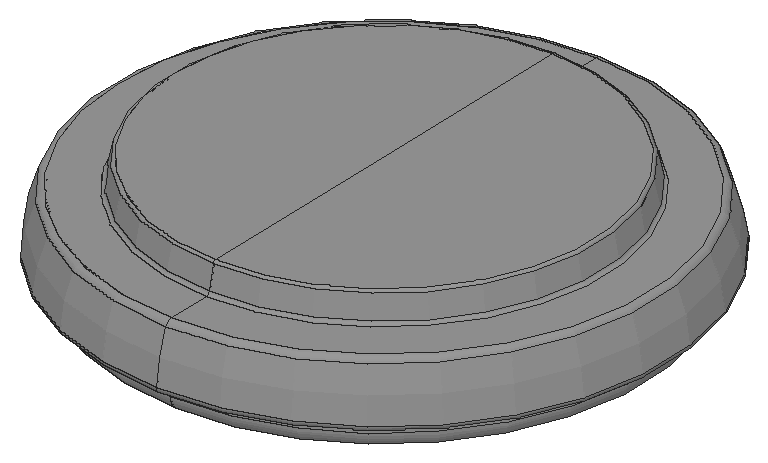
Revit family "FMK11_63_UN_Surface-mounted_ETK", category Lighting Fixtures, Revit 2017 (continued)
Definition of nested family "FMK.1 - Lightsource"
  Types (13, lengths in mm): name | Wattage Comments | Photometric Web File | built-in parameter 1150142 | Apparent Load
    FMK.1129.10 - Ø250x48 / 12W | "12W" | "FMK.1129.10.ies" | "IESNA:LM-63-2002\r\n[TEST] /2015\r\n[TESTLAB] ies2eulumdat.appspot.com\r\n[ISSUEDATE] 2021-06-16T09:00:21.829\r\n[MANUFAC] www.etk.nl\r\n[LUMCAT] FMK.1109.10\r\n[LUMINAIRE] FMK.1 LED 12W 3000/4000/5700K ø250 niet dimbaar\r\n[LAMPCAT] LED\r\n[LAMP] LED\r\nTILT=NONE\r\n1\t1150\t1\t46\t180\t1\t2\t-0.250\t-0.250\t0\r\n1.0\t1.0\t11.80\r\n0\t 2\t 4\t 6\t 8\t 10\t 12\t 14\t 16\t 18\r\n20\t 22\t 24\t 26\t 28\t 30\t 32\t 34\t 36\t 38\r\n40\t 42\t 44\t 46\t 48\t 50\t 52\t 54\t 56\t 58\r\n60\t 62\t 64\t 66\t 68\t 70\t 72\t 74\t 76\t 78\r\n80\t 82\t 84\t 86\t 88\t 90\r\n0\t 2\t 4\t 6\t 8\t 10\t 12\t 14\t 16\t 18\r\n20\t 22\t 24\t 26\t 28\t 30\t 32\t 34\t 36\t 38\r\n40\t 42\t 44\t 46\t 48\t 50\t 52\t 54\t 56\t 58\r\n60\t 62\t 64\t 66\t 68\t 70\t 72\t 74\t 76\t 78\r\n80\t 82\t 84\t 86\t 88\t 90\t 92\t 94\t 96\t 98\r\n100\t 102\t 104\t 106\t 108\t 110\t 112\t 114\t 116\t 118\r\n120\t 122\t 124\t 126\t 128\t 130\t 132\t 134\t 136\t 138\r\n140\t 142\t 144\t 146\t 148\t 150\t 152\t 154\t 156\t 158\r\n160\t 162\t 164\t 166\t 168\t 170\t 172\t 174\t 176\t 178\r\n180\t 182\t 184\t 186\t 188\t 190\t 192\t 194\t 196\t 198\r\n200\t 202\t 204\t 206\t 208\t 210\t 212\t 214\t 216\t 218\r\n220\t 222\t 224\t 226\t 228\t 230\t 232\t 234\t 236\t 238\r\n240\t 242\t 244\t 246\t 248\t 250\t 252\t 254\t 256\t 258\r\n260\t 262\t 264\t 266\t 268\t 270\t 272\t 274\t 276\t 278\r\n280\t 282\t 284\t 286\t 288\t 290\t 292\t 294\t 296\t 298\r\n300\t 302\t 304\t 306\t 308\t 310\t 312\t 314\t 316\t 318\r\n320\t 322\t 324\t 326\t 328\t 330\t 332\t 334\t 336\t 338\r\n340\t 342\t 344\t 346\t 348\t 350\t 352\t 354\t 356\t 358\r\n\r\n405.3384\t404.7765\t404.2265\t402.9975\t401.1013\t399.2051\t395.3191\t391.4331\t387.5471\t383.661\r\n379.7751\t373.4779\t367.169\t360.8717\t354.5746\t348.2657\t339.7094\t331.1415\t322.5852\t314.029\r\n305.461\t294.8096\t284.1582\t273.5069\t262.8555\t252.2041\t239.7267\t227.261\t214.7837\t202.3181\r\n189.8525\t177.3751\t164.9094\t152.432\t139.9664\t127.4891\t0\t0\t0\t0\r\n0\t0\t0\t0\t0\t0\r\n405.3384\t404.7925\t404.2577\t403.0448\t401.1686\t399.2994\t395.4335\t391.5606\t387.7102\t383.8203\r\n379.9334\t373.6444\t367.3443\t361.0453\t354.7325\t348.4388\t339.8983\t331.3616\t322.8117\t314.2627\r\n305.722\t295.0872\t284.4404\t273.8022\t263.1576\t252.5163\t240.0548\t227.5873\t215.131\t202.664\r\n190.1945\t177.7378\t165.2697\t152.8012\t140.3312\t128.1946\t0.3296\t0\t0\t0\r\n0\t0\t0\t0\t0\t0\r\n405.3384\t404.8094\t404.2892\t403.0935\t401.2796\t399.4809\t395.6213\t391.7396\t387.8385\t383.9437\r\n380.072\t373.802\t367.5085\t361.2065\t354.9129\t348.6531\t340.137\t331.5961\t323.0451\t314.5012\r\n305.9895\t295.3818\t284.734\t274.0862\t263.4264\t252.8071\t240.376\t227.9231\t215.4572\t202.995\r\n190.53\t178.0631\t165.6056\t153.1389\t140.6717\t129.4859\t1.3419\t0\t0\t0\r\n0\t0\t0\t0\t0\t0\r\n405.3384\t404.8271\t404.3209\t403.1488\t401.3532\t399.5783\t395.7291\t391.8382\t387.9181\t384.0265\r\n380.1901\t373.9544\t367.6616\t361.3486\t355.0482\t348.8012\t340.3437\t331.8018\t323.2501\t314.6929\r\n306.2129\t295.662\t285.012\t274.3604\t263.7094\t253.1247\t240.74\t228.2758\t215.8122\t203.3491\r\n190.8749\t178.4127\t165.9503\t153.4898\t141.027\t131.3458\t3.1025\t0\t0\t0\r\n0\t0\t0\t0\t0\t0\r\n405.3384\t404.8458\t404.3591\t403.1978\t401.4167\t399.6486\t395.7816\t391.8937\t388.0038\t384.1068\r\n380.2987\t374.1143\t367.817\t361.5156\t355.2003\t348.9967\t340.5979\t332.043\t323.4957\t314.942\r\n306.4955\t295.9896\t285.3021\t274.6328\t263.9659\t253.4202\t241.0823\t228.6129\t216.1591\t203.6915\r\n191.2234\t178.7558\t166.3001\t153.8352\t141.371\t133.6544\t5.718\t0\t0\t0\r\n0\t0\t0\t0\t0\t0\r\n405.3384\t404.8652\t404.3908\t403.2459\t401.4706\t399.6646\t395.8675\t391.9843\t388.0857\t384.1821\r\n380.4316\t374.3456\t368.0256\t361.7021\t355.3697\t349.2\t340.8799\t332.2872\t323.6935\t315.0968\r\n306.6804\t296.3012\t285.6181\t274.9391\t264.248\t253.707\t241.4578\t228.9766\t216.4988\t204.0245\r\n191.5571\t179.0864\t166.6186\t154.1544\t141.6922\t136.24\t9.3369\t0\t0\t0\r\n0\t0\t0\t0\t0\t0\r\n405.3384\t404.8854\t404.4219\t403.2933\t401.5055\t399.7186\t395.9651\t392.0842\t388.1903\t384.3067\r\n380.5784\t374.5562\t368.2162\t361.8639\t355.4958\t349.3364\t341.1183\t332.5123\t323.9013\t315.2964\r\n306.9063\t296.6299\t285.9122\t275.1976\t264.4831\t253.9575\t241.8218\t229.3201\t216.8328\t204.3396\r\n191.8483\t179.3695\t166.8926\t154.4222\t141.9565\t138.8551\t14.1501\t0\t0\t0\r\n0\t0\t0\t0\t0\t0\r\n405.3384\t404.9066\t404.4521\t403.3398\t401.5506\t399.7766\t396.0731\t392.2029\t388.3231\t384.3922\r\n380.6589\t374.7488\t368.3792\t361.9898\t355.5837\t349.4181\t341.3685\t332.7528\t324.1099\t315.4532\r\n307.0598\t296.9581\t286.2249\t275.4731\t264.7159\t254.1799\t242.1928\t229.6762\t217.1659\t204.6692\r\n192.1717\t179.6758\t167.1817\t154.6978\t142.2295\t141.3105\t20.401\t0\t0\t0\r\n0\t0\t0\t0\t0\t0\r\n405.3384\t404.9688\t404.4817\t403.3908\t401.5946\t399.8358\t396.2032\t392.3475\t388.4203\t384.4425\r\n380.7195\t374.9437\t368.5473\t362.1238\t355.6851\t349.5134\t341.9282\t332.9785\t324.3069\t315.6402\r\n306.9436\t297.5694\t286.5262\t275.7395\t264.9593\t254.1623\t242.7912\t230.0358\t217.5005\t204.986\r\n192.4711\t179.9636\t167.4644\t154.9748\t142.4941\t143.2492\t28.3764\t0\t0\t0\r\n0\t0\t0\t0\t0\t0\r\n405.3384\t404.9901\t404.5102\t403.434\t401.6375\t399.8986\t396.3675\t392.4653\t388.4946\t384.4886\r\n380.7515\t375.1532\t368.7296\t362.2829\t355.7949\t349.2691\t342.1908\t333.257\t324.528\t315.7751\r\n307.0363\t297.9246\t286.8722\t276.0236\t265.1733\t254.3419\t243.18\t230.433\t217.8766\t205.3224\r\n192.7845\t180.2462\t167.7206\t155.2142\t142.724\t144.3059\t38.4235\t0\t0\t0\r\n0\t0\t0\t0\t0\t0\r\n405.3384\t405.0108\t404.5376\t403.4745\t401.6757\t399.9613\t396.5103\t392.5677\t388.5717\t384.5293\r\n380.4421\t375.6788\t368.9428\t362.4278\t355.8852\t349.3419\t342.4468\t333.4846\t324.7196\t315.9401\r\n307.1422\t298.1755\t287.1691\t276.2852\t265.4162\t254.5351\t243.54\t230.8321\t218.2158\t205.6051\r\n193.0422\t180.5018\t167.9628\t155.4439\t142.9509\t130.4715\t80.1717\t0\t0\t0\r\n0\t0\t0\t0\t0\t0\r\n405.3384\t405.0308\t404.5638\t403.5122\t401.7197\t400.0344\t396.6479\t392.675\t388.642\t384.5539\r\n380.446\t375.8849\t369.1475\t362.5941\t356.0076\t349.3402\t342.606\t333.7678\t324.9507\t316.0958\r\n307.1888\t298.3823\t287.5427\t276.5987\t265.6547\t254.6769\t243.7733\t231.1892\t218.5583\t205.9536\r\n193.3574\t180.7795\t168.2176\t155.6732\t143.1664\t130.6811\t92.6587\t0\t0\t0\r\n0\t0\t0\t0\t0\t0\r\n405.3384\t405.0504\t404.5956\t403.547\t401.7653\t400.0733\t397.0342\t392.7846\t388.7175\t384.6009\r\n380.4658\t376.0643\t369.3866\t362.7735\t356.0799\t349.3699\t342.7566\t334.0832\t325.1628\t316.2179\r\n307.2752\t298.5357\t287.9146\t276.8913\t265.8705\t254.8646\t244.0337\t231.6235\t218.9315\t206.265\r\n193.6356\t181.0339\t168.4572\t155.9156\t143.3861\t130.8825\t104.473\t0\t0\t0\r\n0\t0\t0\t0\t0\t0\r\n405.3384\t405.0692\t404.6173\t403.5726\t401.812\t400.0922\t397.1653\t392.8976\t388.795\t384.6787\r\n380.4567\t376.1942\t369.6246\t362.9226\t356.2055\t349.4272\t342.8367\t334.3769\t325.3805\t316.3703\r\n307.3625\t298.3377\t288.5546\t277.2123\t266.1258\t255.0391\t244.1559\t232.0335\t219.3073\t206.6258\r\n193.9576\t181.3129\t168.7045\t156.1324\t143.5875\t131.0872\t115.0185\t0\t0\t0\r\n0\t0\t0\t0\t0\t0\r\n405.3384\t405.0876\t404.6362\t403.6022\t401.8688\t399.828\t397.2783\t392.9976\t388.9023\t384.7385\r\n380.4432\t376.2623\t369.8607\t363.1303\t356.3361\t349.4819\t342.5273\t334.9205\t325.6274\t316.563\r\n307.4647\t298.325\t288.8953\t277.552\t266.3836\t255.2249\t244.066\t232.6598\t219.71\t206.9637\r\n194.2635\t181.5828\t168.9417\t156.3369\t143.7678\t131.2452\t123.6219\t0\t0\t0\r\n0\t0\t0\t0\t0\t0\r\n405.3384\t405.1054\t404.6527\t403.6299\t401.9954\t399.8313\t397.3825\t393.1311\t389.0376\t384.7914\r\n380.4256\t376.2601\t370.1442\t363.3441\t356.5\t349.5195\t342.4467\t335.1645\t325.9313\t316.7695\r\n307.548\t298.3169\t289.1161\t277.9297\t266.651\t255.4032\t244.1853\t232.9715\t220.1319\t207.3312\r\n194.5444\t181.8166\t169.148\t156.5181\t143.9438\t131.4005\t129.5504\t10.7169\t0\t0\r\n0\t0\t0\t0\t0\t0\r\n405.3384\t405.1227\t404.6665\t403.6558\t402.0282\t399.8387\t397.4732\t393.2952\t389.1616\t384.8421\r\n380.4176\t375.9014\t370.721\t363.6037\t356.6569\t349.5494\t342.4061\t335.3294\t326.2421\t316.9739\r\n307.6665\t298.3454\t289.1781\t278.2878\t266.963\t255.6467\t244.3238\t233.1536\t220.5163\t207.6577\r\n194.8355\t182.0686\t169.3482\t156.6677\t144.0408\t131.4715\t131.8453\t25.923\t0\t0\r\n0\t0\t0\t0\t0\t0\r\n405.3384\t405.1396\t404.6776\t403.6776\t402.0538\t399.8619\t397.5341\t393.5083\t389.2881\t384.8846\r\n380.4261\t375.832\t370.9139\t363.9038\t356.8028\t349.6355\t342.4017\t335.332\t326.5796\t317.2212\r\n307.8198\t298.3417\t288.8594\t278.9905\t267.339\t255.8866\t244.4302\t233.0061\t221.1259\t208.0094\r\n195.1274\t182.2902\t169.5075\t156.7928\t144.1389\t131.538\t118.9821\t72.5747\t0\t0\r\n0\t0\t0\t0\t0\t0\r\n405.3384\t405.1559\t404.686\t403.7113\t402.0482\t399.882\t397.6063\t393.7003\t389.4083\t384.9648\r\n380.4586\t375.7543\t371.0891\t364.165\t357.0131\t349.7518\t342.4103\t334.9484\t327.1548\t317.4999\r\n307.9709\t298.3923\t288.8332\t279.2321\t267.7019\t256.1485\t244.593\t233.049\t221.4516\t208.379\r\n195.4187\t182.5259\t169.6952\t156.9157\t144.2105\t131.5685\t118.9925\t91.6472\t0\t0\r\n0\t0\t0\t0\t0\t0\r\n405.3384\t405.1718\t404.6918\t403.7304\t402.0748\t399.9057\t397.6713\t393.8957\t389.5114\t385.088\r\n380.4979\t375.7076\t371.0587\t364.4889\t357.2386\t349.9042\t342.4218\t334.8539\t327.2884\t317.8216\r\n308.1836\t298.5219\t288.784\t279.2695\t268.1369\t256.4569\t244.7869\t233.1079\t221.6219\t208.7797\r\n195.7476\t182.7712\t169.842\t157.0084\t144.2669\t131.5897\t118.9856\t106.3522\t0\t0\r\n0\t0\t0\t0\t0\t0\r\n405.3384\t405.1872\t404.677\t403.7455\t402.1069\t399.9332\t397.7438\t394.3242\t389.6719\t385.2237\r\n380.5442\t375.6807\t370.6129\t365.0631\t357.5309\t350.0674\t342.4859\t334.7817\t327.2448\t318.4473\r\n308.4635\t298.6371\t288.784\t278.8955\t268.7927\t256.8209\t244.9966\t233.2361\t221.4851\t209.3772\r\n196.0586\t182.9925\t170.014\t157.1221\t144.303\t131.5659\t118.922\t115.4507\t0.7529\t0\r\n0\t0\t0\t0\t0\t0\r\n405.3384\t405.2023\t404.5924\t403.7567\t402.1445\t399.9518\t397.5215\t394.4699\t389.8906\t385.382\r\n380.6063\t375.6074\t370.4961\t365.1827\t357.8531\t350.2794\t342.5728\t334.767\t326.8088\t318.7303\r\n308.7717\t298.8224\t288.8326\t278.8036\t268.8778\t257.2662\t245.3121\t233.3885\t221.4719\t209.6291\r\n196.4163\t183.2663\t170.1886\t157.217\t144.3317\t131.5459\t118.8227\t106.1876\t17.4697\t0\r\n0\t0\t0\t0\t0\t0\r\n405.3384\t405.217\t404.5944\t403.7643\t402.2164\t399.9969\t397.5215\t394.5348\t390.1198\t385.5481\r\n380.6842\t375.579\t370.3695\t365.1761\t358.5091\t350.5396\t342.7377\t334.7731\t326.7113\t318.7291\r\n309.1553\t299.0695\t288.9289\t278.7193\t268.5571\t257.9194\t245.6422\t233.5555\t221.5159\t209.6959\r\n196.8141\t183.564\t170.3986\t157.3153\t144.3298\t131.4311\t118.6433\t105.963\t65.2493\t0\r\n0\t0\t0\t0\t0\t0\r\n405.3384\t405.2314\t404.597\t403.7683\t402.259\t400.1387\t397.5142\t394.6254\t390.3718\t385.7346\r\n380.7618\t375.6336\t370.2359\t364.7113\t358.7633\t350.8369\t342.942\t334.8576\t326.6208\t318.2983\r\n309.7123\t299.3766\t289.0811\t278.7695\t268.3526\t258.0866\t246.0418\t233.822\t221.6258\t209.5032\r\n197.3492\t183.8918\t170.5912\t157.4067\t144.3357\t131.3476\t118.48\t105.7362\t86.9291\t0\r\n0\t0\t0\t0\t0\t0\r\n405.3384\t405.2454\t404.6007\t403.7691\t402.2969\t400.2013\t397.5194\t394.7022\t390.8756\t385.9297\r\n380.8283\t375.6809\t370.2029\t364.5257\t358.7975\t351.2443\t343.1931\t334.9798\t326.6184\t318.1094\r\n309.6994\t299.7814\t289.3562\t278.8261\t268.235\t257.6488\t246.725\t234.1375\t221.8235\t209.5282\r\n197.4412\t184.2693\t170.8692\t157.5318\t144.3183\t131.2485\t118.3192\t105.4985\t99.8452\t0\r\n0\t0\t0\t0\t0\t0\r\n405.3384\t405.2465\t404.6055\t403.7327\t402.33\t400.28\t397.5374\t394.7758\t391.1064\t386.1222\r\n380.9814\t375.6963\t370.1916\t364.3689\t358.3019\t351.8681\t343.551\t335.1761\t326.6651\t318.0094\r\n309.224\t300.3263\t289.676\t278.9673\t268.2109\t257.4449\t246.79\t234.5954\t222.0662\t209.6096\r\n197.2538\t184.796\t171.1111\t157.6776\t144.3725\t131.1929\t118.1378\t105.2239\t92.4606\t7.417\r\n0\t0\t0\t0\t0\t0\r\n405.3384\t405.26\t404.6117\t403.7331\t402.3583\t400.3318\t397.5727\t394.5667\t391.2865\t386.3445\r\n381.2477\t375.7985\t370.1959\t364.244\t358.0878\t351.9228\t343.9437\t335.4465\t326.8059\t317.9911\r\n309.0489\t300.2024\t290.2985\t279.2004\t268.2951\t257.2789\t246.344\t235.2056\t222.4167\t209.7955\r\n197.2042\t184.8605\t171.4948\t157.9091\t144.4487\t131.1247\t117.9609\t104.9565\t92.1149\t52.9313\r\n0\t0\t0\t0\t0\t0\r\n405.3384\t405.2736\t404.6193\t403.7351\t402.3811\t400.3748\t397.6302\t394.5872\t391.3781\t386.8119\r\n381.4951\t375.9993\t370.2514\t364.1293\t357.9116\t351.3889\t344.5079\t335.822\t327.0416\t318.0736\r\n308.9557\t299.6921\t290.3569\t279.5927\t268.421\t257.3226\t246.1\t234.903\t222.8814\t210.0311\r\n197.2958\t184.6475\t172.0079\t158.165\t144.5452\t131.0796\t117.7978\t104.7315\t91.8426\t76.8551\r\n0\t0\t0\t0\t0\t0\r\n405.3384\t405.2871\t404.6284\t403.7382\t402.383\t400.4092\t397.8019\t394.6157\t391.382\t386.9759\r\n381.7537\t376.2214\t370.3501\t364.1175\t357.7917\t351.1064\t344.4201\t336.5393\t327.3814\t318.2587\r\n308.9705\t299.4656\t289.8818\t280.0753\t268.8078\t257.4031\t245.984\t234.5829\t223.2864\t210.4452\r\n197.4796\t184.6232\t171.8738\t158.4916\t144.6856\t131.1101\t117.7175\t104.5034\t91.5471\t87.0893\r\n0\t0\t0\t0\t0\t0\r\n405.3384\t405.3008\t404.6392\t403.7418\t402.3989\t400.4352\t397.8747\t394.6614\t391.0674\t387.1128\r\n382.2229\t376.4632\t370.4832\t364.2203\t357.7251\t350.8963\t343.8101\t336.6669\t327.8215\t318.561\r\n309.1145\t299.4337\t289.6313\t279.6987\t269.4041\t257.6346\t246.0417\t234.3777\t222.7877\t211.0609\r\n197.8041\t184.6956\t171.7174\t158.9026\t144.9461\t131.1605\t117.657\t104.3263\t91.2411\t78.3968\r\n8.6356\t0\t0\t0\t0\t0\r\n405.3384\t405.3146\t404.6518\t403.7453\t402.4116\t400.4333\t397.9374\t394.7255\t391.0189\t387.2362\r\n382.4741\t376.7553\t370.621\t364.3583\t357.712\t350.7498\t343.5434\t336.0689\t328.3754\t318.9975\r\n309.3575\t299.5473\t289.484\t279.3984\t269.2587\t258.261\t246.2079\t234.3624\t222.4746\t210.6739\r\n198.3975\t184.9162\t171.7187\t158.643\t145.2545\t131.3415\t117.6016\t104.16\t90.981\t78.0548\r\n54.1337\t0\t0\t0\t0\t0\r\n405.3384\t405.4889\t404.6945\t403.6712\t402.4205\t400.4506\t397.9834\t394.8928\t390.9998\t386.973\r\n382.6577\t377.3141\t370.8707\t364.5641\t357.7877\t350.7046\t343.3801\t335.7208\t327.8525\t319.6767\r\n309.7968\t299.7787\t289.6134\t279.2245\t268.6962\t258.2578\t246.6038\t234.4814\t222.3847\t210.2821\r\n198.4381\t185.3347\t171.8446\t158.564\t145.4985\t131.5442\t117.6455\t104.0124\t90.7095\t77.7184\r\n71.0115\t0\t0\t0\t0\t0\r\n405.3384\t405.5009\t404.7104\t403.6809\t402.4254\t400.4644\t398.0198\t394.9896\t391.014\t386.9406\r\n382.6666\t377.537\t371.2201\t364.837\t357.9545\t350.7593\t343.2926\t335.5022\t327.46\t319.1538\r\n310.4783\t300.1684\t289.8497\t279.2431\t268.5397\t257.661\t246.8589\t234.8353\t222.4783\t210.092\r\n197.8192\t185.7046\t172.2109\t158.5712\t145.1721\t131.9025\t117.7262\t103.9048\t90.5045\t77.4349\r\n64.724\t0\t0\t0\t0\t0\r\n405.3384\t405.512\t404.7274\t403.6949\t402.4256\t400.4737\t398.0459\t395.0319\t391.1349\t386.9314\r\n382.368\t377.565\t371.7894\t365.1647\t358.2122\t350.925\t343.2805\t335.4297\t327.1908\t318.7224\r\n309.9642\t300.886\t290.2777\t279.5029\t268.5805\t257.4726\t246.2239\t235.0727\t222.7881\t210.1727\r\n197.5617\t185.0625\t172.6371\t158.8143\t145.0846\t131.6118\t117.8827\t103.9322\t90.3265\t77.1744\r\n64.48\t35.0653\t0\t0\t0\t0\r\n405.3384\t405.522\t404.7455\t403.7452\t402.4209\t400.4773\t398.0588\t395.0488\t391.1753\t387.0135\r\n382.3352\t377.2242\t371.9159\t365.7147\t358.5534\t351.2243\t343.4254\t335.4792\t327.0606\t318.4772\r\n309.4696\t300.3065\t290.8705\t280.0089\t268.8629\t257.5392\t246.0377\t234.4621\t222.8965\t210.6316\r\n197.5873\t184.7291\t171.9505\t159.2993\t145.2866\t131.4601\t118.0115\t103.9741\t90.2222\t76.9361\r\n64.1798\t56.618\t0\t0\t0\t0\r\n405.3384\t405.5308\t404.7649\t403.7651\t402.3395\t400.4737\t398.0593\t395.0424\t391.207\t387.0567\r\n382.3506\t377.1527\t371.6378\t365.821\t359.1154\t351.6039\t343.7387\t335.6237\t327.116\t318.3892\r\n309.185\t299.8538\t290.1589\t280.4669\t269.6277\t257.8645\t246.1541\t234.2897\t222.3665\t210.3175\r\n198.0481\t184.7232\t171.6272\t158.6683\t145.768\t131.577\t117.6798\t104.1455\t90.1031\t76.7097\r\n63.9092\t51.7004\t0\t0\t0\t0\r\n405.3384\t405.5388\t404.7856\t403.7878\t402.34\t400.4766\t398.0469\t395.016\t391.2276\t387.086\r\n382.4782\t377.1848\t371.6139\t365.5258\t359.2193\t352.1252\t344.383\t335.9209\t327.3527\t318.4608\r\n309.1505\t299.601\t289.7392\t279.6691\t269.2868\t258.5846\t246.5891\t234.456\t222.2595\t209.9698\r\n197.5743\t185.146\t171.655\t158.2647\t145.101\t132.0467\t117.7168\t103.7776\t90.1162\t76.5416\r\n63.6537\t51.4481\t11.4644\t0\t0\t0\r\n405.3384\t405.5455\t404.8079\t403.8136\t402.3469\t400.3632\t398.021\t394.9736\t391.2361\t387.0991\r\n382.4999\t377.3413\t371.7228\t365.4801\t358.9167\t352.0852\t344.7107\t336.4982\t327.7775\t318.7203\r\n309.3167\t299.5744\t289.5996\t279.3072\t268.7148\t257.8887\t247.047\t235.2639\t222.5436\t209.9771\r\n197.2699\t184.5597\t171.885\t158.2865\t144.6692\t131.337\t118.1829\t103.7905\t89.9666\t76.4265\r\n63.4089\t51.1676\t44.0861\t0\t0\t0\r\n405.3384\t405.5513\t404.9774\t403.8429\t402.3609\t400.3505\t397.8886\t394.8898\t391.2407\t387.0953\r\n382.4979\t377.3824\t371.7634\t365.5989\t358.905\t351.812\t344.4396\t336.63\t328.3847\t319.3177\r\n309.7407\t299.8087\t289.728\t279.2246\t268.459\t257.4328\t246.1417\t234.7065\t223.2024\t210.4254\r\n197.4644\t184.3923\t171.2764\t158.1367\t144.9817\t130.9885\t117.4819\t104.1949\t89.9202\t76.3115\r\n63.1698\t50.8615\t39.4911\t0\t0\t0\r\n405.3384\t405.5559\t404.9992\t403.8756\t402.382\t400.349\t397.8573\t394.7468\t391.2145\t387.0848\r\n382.4587\t377.3893\t371.7642\t365.6347\t359.0468\t351.9462\t344.3869\t336.3706\t328.1386\t319.4674\r\n310.3444\t300.4744\t290.1739\t279.4322\t268.5321\t257.3547\t245.836\t234.1207\t222.3374\t210.1954\r\n198.078\t184.7804\t171.3331\t157.8412\t144.3958\t131.1966\t117.2105\t103.4803\t90.2145\t76.2405\r\n62.9998\t50.5463\t39.207\t5.7837\t0\t0\r\n405.
